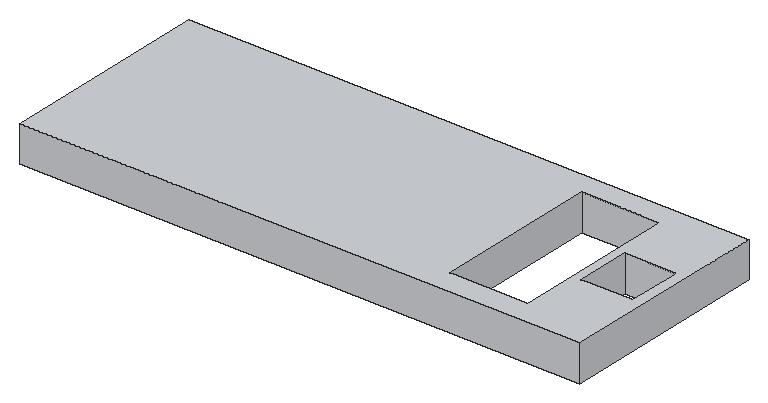
Revit family "G805-003 CAB44", category Mechanical Equipment, Revit 2012
Parameters (values of type "5 TON")
  URL = "http://desert-aire.com/"
  Type Comments = "NON PACKAGED"
  Outdoor Unit = yes
  Model = "G805-003"
  Manufacturer = "DESERT AIRE"
  Description = ""
  Curb Height = 0' - 8"
  Cost = 0
Reference planes (in)
  plane 1: y = 0
  plane 2: z = 0
  plane 3: x = 0
  plane 4: z = 8
  plane 5: z = 61.925
  plane 6: z = 29.145
Forms (in)
  Extrusion 1, solid
    sketch origin (0, 0, 0) x (1, 0, 0) y (0, 1, 0)
      loop
        line (-60.96894, 23.06) -> (-60.96894, -23.44) -> (62.15606, -23.44) -> (62.15606, 23.06) -> (-60.96894, 23.06)
      loop
        line (29.41521, -18.14041) -> (46.62209, -18.14041) -> (46.62209, 18.21606) -> (29.41521, 18.21606) -> (29.41521, -18.14041)
      loop
        line (60.00862, -6.01689) -> (60.00862, 6.0415) -> (48.49015, 6.0415) -> (48.49015, -6.01689) -> (60.00862, -6.01689)
    from 0 to 8
Dimensions and locks (in)
  "Curb Height": plane 4 to plane 2
  locked: plane 5 to plane 4 at 53.925
  locked: plane 5 to plane 6 at 32.78
  aligned and locked: plane 4 to Extrusion 1
  aligned and locked: plane 4 to import instance
  aligned and locked: import instance to import instance  (x2)
  aligned and locked: plane 6 to import instance
  aligned and locked: plane 5 to import instance
Automatic sketch dimensions
  plane 1 to Extrusion 1 sketch curve = 1' - 11.44"
  Extrusion 1 sketch curve to plane 3 = 5' - 0.96894"
  plane 3 to Extrusion 1 sketch curve = 2' - 5.41521"
  Extrusion 1 sketch curve to Extrusion 1 sketch curve = 1' - 5.20688"
  Extrusion 1 sketch curve to Extrusion 1 sketch curve = 0' - 1.86806"
  Extrusion 1 sketch curve to Extrusion 1 sketch curve = 0' - 11.51847"
  Extrusion 1 sketch curve to Extrusion 1 sketch curve = 1' - 3.53397"
  plane 1 to Extrusion 1 sketch curve = 1' - 6.14041"
  plane 1 to Extrusion 1 sketch curve = 0' - 6.01689"
  Extrusion 1 sketch curve to plane 1 = 0' - 6.0415"
  Extrusion 1 sketch curve to plane 1 = 1' - 6.21606"
  Extrusion 1 sketch curve to plane 1 = 1' - 11.06"
Connectors (in)
  piping at (0.96581, 0.13787, 0)
    settings: on Extrusion 1, index 7, connector radius 1/2", flow factor 0, pipe flow 0 GPM, pressure drop 0.00 psi, fitting loss kfactor 0, connector angle 0.00°, fixture units 0, engagement length 0' - 0", flow configuration 0, flow direction 0, fitting loss method 0, system type 22, joint type 0, gender type 0, connector reference index -1, connector utility 0, adjustable connector no, is connector primary yes, fitting loss table "", connector description "BOTTOM CONDENSATE"
  piping at (22.25607, -27.25, 13.08011)
    settings: on import instance, index 38, connector radius 3/8", flow factor 0, pipe flow 0 GPM, pressure drop 0.00 psi, fitting loss kfactor 0, connector angle 0.00°, fixture units 0, engagement length 0' - 0", flow configuration 0, flow direction 0, fitting loss method 0, system type 7, joint type 0, gender type 0, connector reference index -1, connector utility 0, adjustable connector no, is connector primary no, fitting loss table "", connector description "LEFT SIDE RC DISCHARGE CONNECTION LOCATION"
  piping at (-0.23115, -27.25, 13.54532)
    settings: on import instance, index 39, connector radius 1/2", flow factor 0, pipe flow 0 GPM, pressure drop 0.00 psi, fitting loss kfactor 0, connector angle 0.00°, fixture units 0, engagement length 0' - 0", flow configuration 0, flow direction 0, fitting loss method 0, system type 22, joint type 0, gender type 0, connector reference index -1, connector utility 0, adjustable connector no, is connector primary no, fitting loss table "", connector description "LEFT SIDE CONDENSATE"
  piping at (22.25607, -27.25, 15.08011)
    settings: on import instance, index 40, connector radius 1/4", flow factor 0, pipe flow 0 GPM, pressure drop 0.00 psi, fitting loss kfactor 0, connector angle 0.00°, fixture units 0, engagement length 0' - 0", flow configuration 0, flow direction 0, fitting loss method 0, system type 8, joint type 0, gender type 0, connector reference index -1, connector utility 0, adjustable connector no, is connector primary no, fitting loss table "", connector description "LEFT SIDE RC RETURN CONNECTION LOCATION"
  piping at (22.25607, -27.25, 21.08011)
    settings: on import instance, index 41, connector radius 9/16", flow factor 0, pipe flow 0 GPM, pressure drop 0.00 psi, fitting loss kfactor 0, connector angle 0.00°, fixture units 0, engagement length 0' - 0", flow configuration 0, flow direction 0, fitting loss method 0, system type 20, joint type 0, gender type 0, connector reference index -1, connector utility 0, adjustable connector no, is connector primary no, fitting loss table "", connector description "LEFT SIDE WATER INLET CONNECTION LOCATION"
  piping at (22.25607, -27.25, 23.33011)
    settings: on import instance, index 42, connector radius 9/16", flow factor 0, pipe flow 0 GPM, pressure drop 0.00 psi, fitting loss kfactor 0, connector angle 0.00°, fixture units 0, engagement length 0' - 0", flow configuration 0, flow direction 0, fitting loss method 0, system type 20, joint type 0, gender type 0, connector reference index -1, connector utility 0, adjustable connector no, is connector primary no, fitting loss table "", connector description "LEFT SIDE WATER OUTLET CONNECTION LOCATION"
  electrical at (66.80591, -21.59315, 56.14815)
    settings: on import instance, index 43, voltage 0 V, apparent load 0 VA, apparent load phase1 0 VA, apparent load phase2 0 VA, apparent load phase3 0 VA, power factor 1, load classification "Other", number of poles 1, system type 30, power factor state 1, is connector primary yes, connector utility no, sub classification motor no, connector description "OPTIONAL DISCONNECT LOCATION"
  hvac at (66.80591, 0.01164, 21.30802)
    settings: on import instance, index 44, duct flow 0 CFM, flow factor 0, pres drop 0.00 in-wg, loss coef 0, conn angle 0.00°, conn width 35 7/8", conn height 14", conn radius 12", duct sys type 2, conn prof type 1, flow config 0, flow direction 0, loss method 0, conn ref index -1, conn util no, is conn primary yes, conn desc "RETURN INTAKE"
  hvac at (66.80591, -0.02301, 45.3775)
    settings: on import instance, index 45, duct flow 0 CFM, flow factor 0, pres drop 0.00 in-wg, loss coef 0, conn angle 0.00°, conn width 12", conn height 11 1/2", conn radius 12", duct sys type 1, conn prof type 1, flow config 0, flow direction 0, loss method 0, conn ref index -1, conn util no, is conn primary no, conn desc "SUPPLY DISCHARGE"
  hvac at (-66.90919, -0.0064, 21.83962)
    settings: on import instance, index 46, duct flow 0 CFM, flow factor 0, pres drop 0.00 in-wg, loss coef 0, conn angle 0.00°, conn width 12", conn height 11 1/2", conn radius 12", duct sys type 3, conn prof type 1, flow config 0, flow direction 0, loss method 0, conn ref index -1, conn util no, is conn primary no, conn desc "EXHAUST DISCHARGE"
  hvac at (-66.90919, -0.04195, 49.02609)
    settings: on import instance, index 47, duct flow 0 CFM, flow factor 0, pres drop 0.00 in-wg, loss coef 0, conn angle 0.00°, conn width 43 7/8", conn height 23 5/8", conn radius 12", duct sys type 3, conn prof type 1, flow config 0, flow direction 0, loss method 0, conn ref index -1, conn util no, is conn primary no, conn desc "O/A INTAKE"
  hvac at (59.88633, 0.05315, 61.925)
    settings: on import instance, index 48, duct flow 0 CFM, flow factor 0, pres drop 0.00 in-wg, loss coef 0, conn angle 0.00°, conn width 11 1/2", conn height 12", conn radius 12", duct sys type 1, conn prof type 1, flow config 0, flow direction 0, loss method 0, conn ref index -1, conn util no, is conn primary no, conn desc "SUPPLY DISCHARGE"
  hvac at (54.24291, 0.03009, 12.5)
    settings: on import instance, index 49, duct flow 0 CFM, flow factor 0, pres drop 0.00 in-wg, loss coef 0, conn angle 0.00°, conn width 12", conn height 11 1/2", conn radius 12", duct sys type 1, conn prof type 1, flow config 0, flow direction 0, loss method 0, conn ref index -1, conn util no, is conn primary no, conn desc "SUPPLY AIR DUCT CONNECTION"
  hvac at (37.93041, -0.09491, 12.5)
    settings: on import instance, index 50, duct flow 0 CFM, flow factor 0, pres drop 0.00 in-wg, loss coef 0, conn angle 0.00°, conn width 36", conn height 17", conn radius 12", duct sys type 2, conn prof type 1, flow config 0, flow direction 0, loss method 0, conn ref index -1, conn util no, is conn primary no, conn desc "RETURN AIR DUCT CONNECTION"
  piping at (-0.2375, 27.25, 13.53987)
    settings: on import instance, index 51, connector radius 1/2", flow factor 0, pipe flow 0 GPM, pressure drop 0.00 psi, fitting loss kfactor 0, connector angle 0.00°, fixture units 0, engagement length 0' - 0", flow configuration 0, flow direction 0, fitting loss method 0, system type 22, joint type 0, gender type 0, connector reference index -1, connector utility 0, adjustable connector no, is connector primary no, fitting loss table "", connector description "RIGHT SIDE CONDENSATE"
  piping at (22.27895, 27.25, 13.11009)
    settings: on import instance, index 52, connector radius 3/8", flow factor 0, pipe flow 0 GPM, pressure drop 0.00 psi, fitting loss kfactor 0, connector angle 0.00°, fixture units 0, engagement length 0' - 0", flow configuration 0, flow direction 0, fitting loss method 0, system type 7, joint type 0, gender type 0, connector reference index -1, connector utility 0, adjustable connector no, is connector primary no, fitting loss table "", connector description "RIGHT SIDE RC DISCHARGE CONNECTION LOCATION"
  piping at (22.27895, 27.25, 15.03861)
    settings: on import instance, index 53, connector radius 1/4", flow factor 0, pipe flow 0 GPM, pressure drop 0.00 psi, fitting loss kfactor 0, connector angle 0.00°, fixture units 0, engagement length 0' - 0", flow configuration 0, flow direction 0, fitting loss method 0, system type 8, joint type 0, gender type 0, connector reference index -1, connector utility 0, adjustable connector no, is connector primary no, fitting loss table "", connector description "RIGHT SIDE RC RETURN CONNECTION LOCATION"
  piping at (22.27895, 27.25, 21.03861)
    settings: on import instance, index 54, connector radius 9/16", flow factor 0, pipe flow 0 GPM, pressure drop 0.00 psi, fitting loss kfactor 0, connector angle 0.00°, fixture units 0, engagement length 0' - 0", flow configuration 0, flow direction 0, fitting loss method 0, system type 20, joint type 0, gender type 0, connector reference index -1, connector utility 0, adjustable connector no, is connector primary no, fitting loss table "", connector description "RIGHT SIDE WATER INLET CONNECTION LOCATION"
  piping at (22.27895, 27.25, 23.28861)
    settings: on import instance, index 55, connector radius 9/16", flow factor 0, pipe flow 0 GPM, pressure drop 0.00 psi, fitting loss kfactor 0, connector angle 0.00°, fixture units 0, engagement length 0' - 0", flow configuration 0, flow direction 0, fitting loss method 0, system type 20, joint type 0, gender type 0, connector reference index -1, connector utility 0, adjustable connector no, is connector primary no, fitting loss table "", connector description "RIGHT SIDE WATER OUTLET CONNECTION LOCATION"
